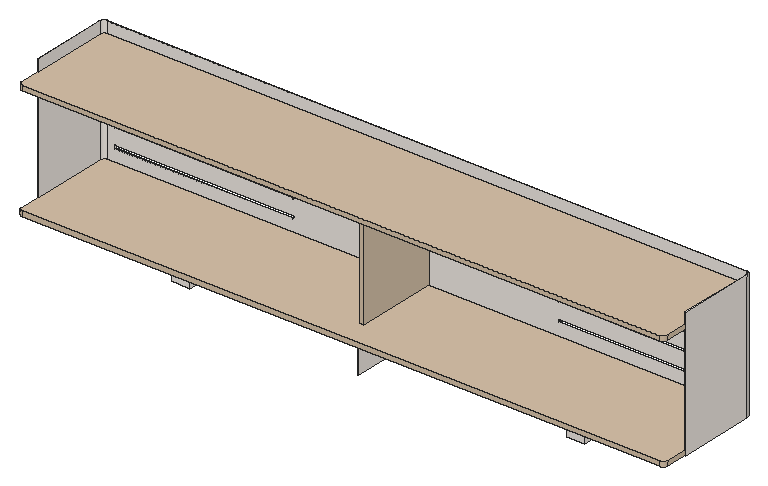
Revit family "Haworth_ActiveComponents_StorageNook_SingleSideEnclosed_NEW", category Furniture Systems, Revit 2015
Parameters (values of type "72w 14h")
  With Slots = yes
  Width = 72"
  Warranty = "https://www.haworth.com/resources/product-info/warranties"
  Void Side Dimension = if(Side Void, 20", 5")  # 20"
  Void Center Dimension = if(Center Void, 20", 5")  # 5"
  URL - Product = "http://www.haworth.com/products/workspaces/accessories/active-components"
  URL = "http://www.haworth.com/"
  Type Comments = ""
  Sustainability Info = "https://www.haworth.com/company-info/sustainability"
  Support Post Width = 2"  # constant formula
  Support Post Overall Width = if(Actual Width > 48", Actual Width - 26", Actual Width - 12")  # 46"
  Stanchion Height = 4 3/8"  # constant formula
  Slot Length = if(Actual Width < 48", 13", if(Actual Width < 60", 14 3/4", if(Actual Width < 72", 17 3/4", 20")))  # 20"
  Size = "Verify Final Dim. w/ Haworth"  # constant formula
  Side Void = and(With Slots, Actual Width > 24")  # yes
  Shelf Finish [instance] = Haworth _ Wood _ White Oak
  Revision Number = "2"  # constant formula
  Panel Thickness = 1/16"  # constant formula
  Mounted Height = 29"  # constant formula
  Model = "AU1B"  # constant formula
  Min. Width = 24"  # constant formula
  Max. Width = 72"  # constant formula
  Manufacturer = "Haworth"  # constant formula
  Low = no
  High = not(Low)  # yes
  Hardware Finish [instance] = Haworth _ Paint _ Plaster
  Divider Visibility = Actual Width > 36"  # yes
  Description = "Haworth Active Components - Storage Nook Enclosed - Single Sided - 72w 14h"
  Custom Size = not(or(Width = 24", Width = 30", Width = 36", Width = 42", Width = 48", Width = 51", Width = 54", Width = 60", Width = 63", Width = 66", Width = 72"))  # no
  Center Void = and(With Slots, Actual Width = 24")  # no
  Case Finish [instance] = Haworth _ Paint _ Plaster
  Author = "Haworth (Bentzen, Alias)"  # constant formula
  Assembly Code = "E2020200"
  Actual Width = if(Width < Min. Width, Min. Width, if(Width > Max. Width, Max. Width, Width))  # 72"
  Actual Height = if(Low, 8", 14 1/4")  # 14 1/4"
  Actual Depth = 12"  # constant formula
Types (2): name | Low | High | Description | Actual Height
  72w 14h | no | yes | "Haworth Active Components - Storage Nook Enclosed - Single Sided - 72w 14h" | 14 1/4"
  72w 8h | yes | no | "Haworth Active Components - Storage Nook Enclosed - Single Sided - 72w 8h" | 8"
Reference planes (in)
  plane 1 "Back End": y = 19.5
  plane 2: z = 0
  plane 3 "Center L/R": x = 0
  plane 4 "Front End": y = 7.5
  plane 5 "Bottom Stanchion": z = 29
  plane 6 "Back Inside": y = 19.4375
  plane 7 "Center FB": y = 13.5
  plane 8: z = 33.875
  plane 9 "Bottom Nook": z = 33.375
  plane 10: z = 46.39813
  plane 11: z = 45.89812
  plane 12 "Front Inside": y = 7.5625
  plane 13 "Shroud Front End": y = 10.4375
  plane 14 "Left End": x = -36
  plane 15 "Right End": x = 36
  plane 16: x = -35.9375
  plane 17: x = 35.9375
  plane 18: x = -23
  plane 19: x = 23
  plane 20: x = -21
  plane 21: x = 21
  plane 22 "Top Nook": z = 47.625
  plane 23 "Void Side End": y = 21.80401
  plane 24 "Void Start": y = 1.80401
  plane 25 "Void Center End": y = 6.80401
Forms (in)
  Extrusion 1, solid, material "Haworth _ Wood _ White Oak" <- "Shelf Finish"
    sketch origin (0, 0, 0) x (1, 0, 0) y (0, 1, 0)
      loop
        arc (-35.4375, 19.4375) -> (-35.79105, 19.29105) -> (-35.9375, 18.9375) r 0.5
        line (-35.9375, 18.9375) -> (-35.9375, 8.0625)
        arc (-35.9375, 8.0625) -> (-35.79105, 7.70895) -> (-35.4375, 7.5625) r 0.5
        line (-35.4375, 7.5625) -> (35.4375, 7.5625)
        arc (35.4375, 7.5625) -> (35.79105, 7.70895) -> (35.9375, 8.0625) r 0.5
        line (35.9375, 8.0625) -> (35.9375, 18.9375)
        arc (35.9375, 18.9375) -> (35.79105, 19.29105) -> (35.4375, 19.4375) r 0.5
        line (35.4375, 19.4375) -> (-35.4375, 19.4375)
    from 33.375 to 33.875
  Extrusion 2, solid, material "Haworth _ Wood _ White Oak" <- "Shelf Finish"
    sketch origin (0, 0, 0) x (1, 0, 0) y (0, 1, 0)
      loop
        arc (-35.4375, 19.4375) -> (-35.79105, 19.29105) -> (-35.9375, 18.9375) r 0.5
        line (-35.9375, 18.9375) -> (-35.9375, 8.0625)
        arc (-35.9375, 8.0625) -> (-35.79105, 7.70895) -> (-35.4375, 7.5625) r 0.5
        line (-35.4375, 7.5625) -> (35.4375, 7.5625)
        arc (35.4375, 7.5625) -> (35.79105, 7.70895) -> (35.9375, 8.0625) r 0.5
        line (35.9375, 8.0625) -> (35.9375, 18.9375)
        arc (35.9375, 18.9375) -> (35.79105, 19.29105) -> (35.4375, 19.4375) r 0.5
        line (35.4375, 19.4375) -> (-35.4375, 19.4375)
    from 45.89812 to 46.39813
  Extrusion 3, solid, material "Haworth _ Paint _ Plaster" <- "Case Finish"
    sketch origin (0, 0, 0) x (1, 0, 0) y (0, 1, 0)
      loop
        line (-35.9375, 10.4375) -> (-35.9375, 19)
        arc (-35.9375, 19) -> (-35.80936, 19.30936) -> (-35.5, 19.4375) r 0.4375
        line (-35.5, 19.4375) -> (35.5, 19.4375)
        arc (35.5, 19.4375) -> (35.80936, 19.30936) -> (35.9375, 19) r 0.4375
        line (35.9375, 19) -> (35.9375, 10.4375) -> (36, 10.4375) -> (36, 19)
        arc (36, 19) -> (35.85355, 19.35355) -> (35.5, 19.5) r 0.5
        line (35.5, 19.5) -> (-35.5, 19.5)
        arc (-35.5, 19.5) -> (-35.85355, 19.35355) -> (-36, 19) r 0.5
        line (-36, 19) -> (-36, 10.4375) -> (-35.9375, 10.4375)
    from 33.375 to 47.625
  Extrusion 4, solid, material "Haworth _ Paint _ Plaster" <- "Hardware Finish"
    sketch origin (0, 0, 0) x (1, 0, 0) y (0, 1, 0)
      loop
        line (-23, 14.25) -> (-23, 12.73437) -> (-21, 12.73437) -> (-21, 14.25) -> (-23, 14.25)
      loop
        line (23, 14.25) -> (21, 14.25) -> (21, 12.73437) -> (23, 12.73437) -> (23, 14.25)
      loop
        line (-0.0625, 17.06237) -> (-0.0625, 9.93763) -> (0.0625, 9.93763) -> (0.0625, 17.06237) -> (-0.0625, 17.06237)
    from 29 to 33.375
  Sweep 5, void
    path origin (0, 0, 33.375) x (-1, 0, 0) y (0, -1, 0)
      loop
        line (0, -21.80401) -> (0, -1.80401)
    profile origin (0, 11.80401, 33.375) x (1, 0, 0) y (0, 0, 1)
      loop
        line (14.66, 2.15313) -> (14.66, 1.82813) -> (34.66, 1.82813) -> (34.66, 2.15313) -> (14.66, 2.15313)
      loop
        line (14.66, 6.15313) -> (14.66, 5.82812) -> (34.66, 5.82812) -> (34.66, 6.15313) -> (14.66, 6.15313)
      loop
        line (14.66, 4.15313) -> (14.66, 3.82813) -> (34.66, 3.82813) -> (34.66, 4.15313) -> (14.66, 4.15313)
  Sweep 6, void
    path origin (0, 0, 33.375) x (1, 0, 0) y (0, -1, 0)
      loop
        line (0, -21.80401) -> (0, -1.80401)
    profile origin (0, 11.80401, 33.375) x (1, 0, 0) y (0, 0, 1)
      loop
        line (-14.66, 2.15313) -> (-34.66, 2.15313) -> (-34.66, 1.82813) -> (-14.66, 1.82813) -> (-14.66, 2.15313)
      loop
        line (-14.66, 6.15313) -> (-34.66, 6.15313) -> (-34.66, 5.82812) -> (-14.66, 5.82812) -> (-14.66, 6.15313)
      loop
        line (-14.66, 4.15313) -> (-34.66, 4.15313) -> (-34.66, 3.82813) -> (-14.66, 3.82813) -> (-14.66, 4.15313)
  Sweep 7, void
    path origin (0, 0, 33.375) x (1, 0, 0) y (0, -1, 0)
      loop
        line (0, -6.80401) -> (0, -1.80401)
    profile origin (0, 4.30401, 33.375) x (1, 0, 0) y (0, 0, 1)
      loop
        line (10, 2.15313) -> (-10, 2.15313) -> (-10, 1.82812) -> (10, 1.82812) -> (10, 2.15313)
      loop
        line (10, 6.15312) -> (-10, 6.15312) -> (-10, 5.82812) -> (10, 5.82812) -> (10, 6.15312)
      loop
        line (10, 4.15313) -> (-10, 4.15313) -> (-10, 3.82812) -> (10, 3.82812) -> (10, 4.15313)
  Extrusion 8, solid, material "Haworth _ Wood _ White Oak" <- "Shelf Finish", visible <- "Divider Visibility"
    sketch origin (0, 0, 33.375) x (-1, 0, 0) y (0, -1, 0)
      loop
        line (0.25, -19.4375) -> (0.25, -10.4375) -> (-0.25, -10.4375) -> (-0.25, -19.4375) -> (0.25, -19.4375)
    from 0.5 to 12.52312
Cuts and joins
  Sweep 5, Sweep 6, Sweep 7 cuts Extrusion 3
Lines and regions (in)
  Masking region 1
    outline origin (-46, 74.25, 0) x (1, 0, 0) y (0, 1, 0)
      loop
        arc (10.5, -54.75) -> (10.14645, -54.89645) -> (10, -55.25) r 0.5
        line (10, -55.25) -> (10, -66.25)
        arc (10, -66.25) -> (10.14645, -66.60355) -> (10.5, -66.75) r 0.5
        line (10.5, -66.75) -> (81.5, -66.75)
        arc (81.5, -66.75) -> (81.85355, -66.60355) -> (82, -66.25) r 0.5
        line (82, -66.25) -> (82, -55.25)
        arc (82, -55.25) -> (81.85355, -54.89645) -> (81.5, -54.75) r 0.5
        line (81.5, -54.75) -> (10.5, -54.75)
Dimensions and locks (in)
  "Mounted Height": plane 5 "Bottom Stanchion" to level
  "Actual Depth": plane 1 "Back End" to plane 4 "Front End"
  "Panel Thickness": plane 6 "Back Inside" to plane 1 "Back End"
  equal spacing: plane 1 "Back End", plane 7 "Center FB", plane 4 "Front End"
  locked: plane 8 to plane 9 "Bottom Nook" at 0.5
  locked: plane 10 to plane 11 at 0.5
  "Panel Thickness": plane 12 "Front Inside" to plane 4 "Front End"
  locked: plane 13 "Shroud Front End" to plane 12 "Front Inside" at 2.875
  equal spacing: plane 14 "Left End", plane 3 "Center L/R", plane 15 "Right End"
  "Actual Width": plane 14 "Left End" to plane 15 "Right End"
  "Panel Thickness": plane 14 "Left End" to plane 16
  "Panel Thickness": plane 17 to plane 15 "Right End"
  equal spacing: plane 18, plane 3 "Center L/R", plane 19
  "Support Post Overall Width": plane 18 to plane 19
  "Support Post Width": plane 21 to plane 19
  "Support Post Width": plane 18 to plane 20
  "Actual Height": plane 22 "Top Nook" to plane 9 "Bottom Nook"
  "Void Side Dimension": plane 23 "Void Side End" to plane 24 "Void Start"
  "Stanchion Height": plane 9 "Bottom Nook" to plane 5 "Bottom Stanchion"
  locked: Extrusion 4 sketch curve to plane 7 "Center FB" at 0.75  (x2)
  locked: Extrusion 4 sketch curve to plane 7 "Center FB" at 0.76562
  locked: plane 7 "Center FB" to Extrusion 4 sketch curve at 0.76563
  locked: plane 3 "Center L/R" to Extrusion 4 sketch curve at 0.0625
  locked: Extrusion 4 sketch curve to plane 3 "Center L/R" at 0.0625
  locked: plane 7 "Center FB" to Extrusion 4 sketch curve at 3.56237
  locked: Extrusion 4 sketch curve to plane 7 "Center FB" at 3.56237
  "Void Center Dimension": plane 25 "Void Center End" to plane 24 "Void Start"
  locked: Sweep 5 sketch curve to plane 15 "Right End" at 1.34  (x3)
  "Slot Length": Sweep 5 sketch curve to Sweep 5 sketch curve  (x3)
  "Slot Length": Sweep 6 sketch curve to Sweep 6 sketch curve  (x3)
  locked: plane 14 "Left End" to Sweep 6 sketch curve at 1.34  (x3)
  locked: Sweep 7 sketch curve to Sweep 7 sketch curve at 20  (x3)
  equal spacing: Sweep 7 sketch curve, plane 3 "Center L/R", Sweep 7 sketch curve  (x3)
  locked: Extrusion 8 sketch curve to Extrusion 8 sketch curve at 0.5
  equal spacing: Extrusion 8 sketch curve, plane 3 "Center L/R", Extrusion 8 sketch curve
  locked: plane 22 "Top Nook" to plane 10 at 1.22687
  Sweep 5 sketch curve to Sweep 5 sketch curve to Sweep 5 sketch curve to Sweep 5 sketch curve to Sweep 5 sketch curve to Sweep 5 sketch curve to plane 8 = 0.325" locked, 1.675" locked, 0.325" locked, 1.675" locked, 0.325" locked, 1 21/64" locked
  Sweep 6 sketch curve to Sweep 6 sketch curve to Sweep 6 sketch curve to Sweep 6 sketch curve to Sweep 6 sketch curve to Sweep 6 sketch curve to plane 8 = 0.325" locked, 1.675" locked, 0.325" locked, 1.675" locked, 0.325" locked, 1 21/64" locked
  Sweep 7 sketch curve to Sweep 7 sketch curve to Sweep 7 sketch curve to Sweep 7 sketch curve to Sweep 7 sketch curve to Sweep 7 sketch curve to plane 8 = 0.325" locked, 1.675" locked, 0.325" locked, 1.675" locked, 0.325" locked, 1 21/64" locked
  aligned and locked: level to plane 2
  aligned and locked: Extrusion 1 sketch curve to plane 6 "Back Inside"
  aligned and locked: Extrusion 2 sketch curve to plane 6 "Back Inside"
  aligned and locked: Extrusion 3 to plane 9 "Bottom Nook"
  aligned and locked: plane 9 "Bottom Nook" to Extrusion 4
  aligned and locked: Extrusion 4 to plane 5 "Bottom Stanchion"
  aligned and locked: Extrusion 3 to plane 13 "Shroud Front End"
  aligned and locked: Extrusion 1 to plane 16
  aligned and locked: Extrusion 2 to plane 16
  aligned and locked: plane 16 to Extrusion 3
  aligned and locked: Extrusion 3 to plane 14 "Left End"
  aligned and locked: plane 17 to Extrusion 2
  aligned and locked: plane 17 to Extrusion 1
  aligned and locked: Extrusion 4 to plane 18
  aligned and locked: plane 20 to Extrusion 4
  aligned and locked: Extrusion 4 to plane 21
  aligned and locked: plane 19 to Extrusion 4
  aligned and locked: plane 10 to Extrusion 2
  aligned and locked: Extrusion 2 to plane 11
  aligned and locked: plane 8 to Extrusion 1
  aligned and locked: Extrusion 1 to plane 9 "Bottom Nook"
  aligned and locked: Extrusion 2 to plane 12 "Front Inside"
  aligned and locked: Masking region 1 to plane 14 "Left End"
  aligned and locked: plane 15 "Right End" to Masking region 1
  aligned and locked: Masking region 1 to plane 4 "Front End"
  aligned and locked: plane 22 "Top Nook" to Extrusion 3
  aligned and locked: Masking region 1 to plane 1 "Back End"
  aligned and locked: plane 1 "Back End" to Masking region 1 sketch curve
  aligned and locked: Masking region 1 sketch curve to plane 15 "Right End"
  aligned and locked: plane 4 "Front End" to Masking region 1 sketch curve
  aligned and locked: plane 14 "Left End" to Masking region 1 sketch curve
  aligned and locked: Extrusion 2 sketch curve to plane 17
  aligned and locked: plane 12 "Front Inside" to Extrusion 2 sketch curve
  aligned and locked: plane 16 to Extrusion 2 sketch curve
  aligned and locked: Extrusion 1 sketch curve to plane 17
  aligned and locked: plane 12 "Front Inside" to Extrusion 1 sketch curve
  aligned and locked: plane 16 to Extrusion 1 sketch curve
  aligned and locked: Extrusion 4 sketch curve to plane 20
  aligned and locked: plane 18 to Extrusion 4 sketch curve
  aligned and locked: plane 19 to Extrusion 4 sketch curve
  aligned and locked: Extrusion 4 sketch curve to plane 21
  aligned and locked: Extrusion 3 sketch curve to plane 13 "Shroud Front End"
  aligned and locked: plane 16 to Extrusion 3 sketch curve
  aligned and locked: plane 14 "Left End" to Extrusion 3 sketch curve
  aligned and locked: plane 1 "Back End" to Extrusion 3 sketch curve
  aligned and locked: Extrusion 3 sketch curve to plane 6 "Back Inside"
  aligned and locked: plane 15 "Right End" to Extrusion 3 sketch curve
  aligned and locked: plane 17 to Extrusion 3 sketch curve
  aligned and locked: plane 13 "Shroud Front End" to Extrusion 3 sketch curve
  aligned and locked: Sweep 5 sketch curve to plane 3 "Center L/R"
  aligned and locked: plane 24 "Void Start" to Sweep 5 sketch curve
  aligned and locked: plane 23 "Void Side End" to Sweep 5 sketch curve
  aligned and locked: profile plane to plane 9 "Bottom Nook"
  aligned and locked: profile plane to plane 3 "Center L/R"
  aligned and locked: Sweep 6 sketch curve to plane 3 "Center L/R"
  aligned and locked: plane 23 "Void Side End" to Sweep 6 sketch curve
  aligned and locked: plane 24 "Void Start" to Sweep 6 sketch curve
  aligned and locked: Sweep 7 sketch curve to plane 3 "Center L/R"
  aligned and locked: plane 24 "Void Start" to Sweep 7 sketch curve
  aligned and locked: plane 25 "Void Center End" to Sweep 7 sketch curve
  aligned and locked: plane 13 "Shroud Front End" to Extrusion 8 sketch curve
  aligned and locked: Extrusion 8 sketch curve to plane 6 "Back Inside"
  aligned and locked: plane 11 to Extrusion 8
  aligned and locked: Extrusion 8 to plane 8
Automatic sketch dimensions
  plane 16 to Masking region 1 sketch curve = 7/16"
  Masking region 1 sketch curve to plane 6 "Back Inside" = 7/16"  (x2)
  Masking region 1 sketch curve to plane 17 = 7/16"
  Extrusion 1 sketch curve to Extrusion 1 sketch curve = 1/2"
  plane 16 to Extrusion 1 sketch curve = 1/2"
  Extrusion 1 sketch curve to plane 17 = 1/2"  (x2)
  plane 16 to Extrusion 2 sketch curve = 1/2"
  Extrusion 2 sketch curve to Extrusion 2 sketch curve = 1/2"
  plane 12 "Front Inside" to Extrusion 2 sketch curve = 1/2"
  Extrusion 2 sketch curve to plane 17 = 1/2"
  Extrusion 3 sketch curve to Extrusion 3 sketch curve = 0"  (x4)
  plane 16 to Extrusion 3 sketch curve = 7/16"
  Extrusion 3 sketch curve to plane 17 = 7/16"
